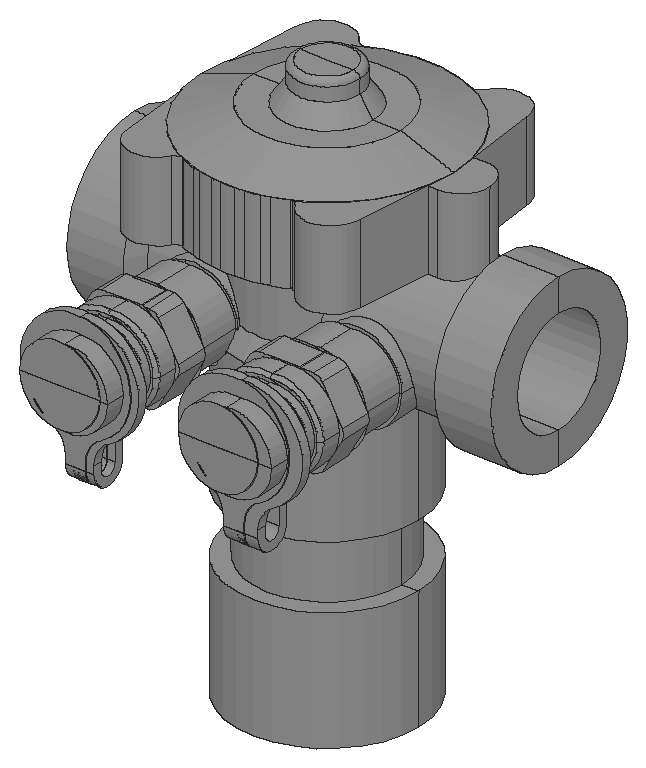
Revit family "Kombiventil 4206_M_SMART", category Rohrzubehör, Revit 2018
Family settings
  Bemaßung runder Anschluss = Durchmesser verwenden
  Teiletyp = Unterbricht
  OmniClass-Nummer = 23.65.55.14
  OmniClass-Titel = Valves for Liquid Services
  Arbeitsebenenbasiert = Nein
  Immer vertikal = Ja
  Beim Laden mit Abzugskörper schneiden = Nein
  Gemeinsam genutzt = Nein
Parameters
  min.Betriebstemperatur (reines Wasser) = 2 °C  # constant formula
  min.Betriebstemperatur (Frostschutz) = -20 °C  # constant formula
  max.Differenzdruck = 400000.0 Pa  # constant formula
  max.Betriebstemperatur bis DN32 = 130 °C  # constant formula
  max.Betriebstemperatur ab DN40 = 110 °C  # constant formula
  max.Betriebsdruck = 1600000.0 Pa  # constant formula
  URL = "www.herz-armaturen.at"
  Stift = "Edelstahl 14301"  # constant formula
  SCRNSEQ = "ARM;ARM_TYP=\"DURR\";2"
  SCRNCODE = "05;04;02"  # constant formula
  S04 [instance] = R01 * 2  # 30.00 mm
  S01 [instance] = L01 + L02  # 75.00 mm
  R02 [instance] = size_lookup("4206M_S", "R2", 9.32 mm, Nennweite)  # 9.316 mm
  R01 [instance] = size_lookup("4206M_S", "R1", 15.00 mm, Nennweite)  # 15.00 mm
  PN = 25  # constant formula
  O-Ringe = "EPDM"  # constant formula
  Membrangehäuse = "Messing CW602N"  # constant formula
  Membrane = "EPDM"  # constant formula
  Medium = "Wasserbeschaffenheit nach ÖNORM H 5195 und VDI 2035.\r\nDie  Verwendung  von  Ethylen-  und  Propylenglykol  ist  im  Mischungsverhältnis  25  -  50  Vol.-  [%]  zulässig."
  L14 = 43.48 mm  # constant formula
  L13 = 32.23 mm  # constant formula
  L06 = 3.44 mm  # constant formula
  Impulsleitung = "Kupfer Cu-DHP (CW024A)"  # constant formula
  Hub = 4.00 mm  # constant formula
  Hersteller = "Herz-Armaturen GmbH"  # constant formula
  H10 = 22.33 mm  # constant formula
  Gehäuse = "DZR Messing CC770S"  # constant formula
  Druckfeder = "Federstahl"  # constant formula
  DN20 [instance] = yes
  DN15 [instance] = yes
  Bestellnummer [instance] = size_lookup("4206M_S", "Artnr", 1420622, Nennweite)  # 1420621
  Bauschutzkappe = "Kunststoff"  # constant formula
  BB = 7.93 mm  # constant formula
  B15 = 23.00 mm  # constant formula
  B14 = 8.73 mm  # constant formula
  B13 = 40.79 mm  # constant formula
  B12 = 36.73 mm  # constant formula
  B11 = 34.69 mm  # constant formula
  B10 = 31.75 mm  # constant formula
  B09 [instance] = size_lookup("4206M_S", "B9", 3.30 mm, Nennweite)  # 3.30 mm
  Nennweite [instance] = 15.00 mm
  L05 = 3.44 mm  # constant formula
  L04 [instance] = size_lookup("4206M_S", "L4", 12.00 mm, Nennweite)  # 12.00 mm
  L03 [instance] = size_lookup("4206M_S", "L3", 10.00 mm, Nennweite)  # 10.00 mm
  L02 = 34.00 mm  # constant formula
  L01 = 41.00 mm  # constant formula
  H09 = 1.08 mm  # constant formula
  H08 = 4.24 mm  # constant formula
  H07 = 28.19 mm  # constant formula
  H06 = 24.02 mm  # constant formula
  H05 = 10.06 mm  # constant formula
  H04 = 6.74 mm  # constant formula
  H03 = 3.46 mm  # constant formula
  H02 [instance] = size_lookup("4206M_S", "H2", 65.00 mm, Nennweite)  # 65.00 mm
  H01 = 35.00 mm  # constant formula
  B08 = 23.05 mm  # constant formula
  B07 [instance] = size_lookup("4206M_S", "B7", 16.50 mm, Nennweite)  # 16.50 mm
  B06 = 5.86 mm  # constant formula
  B05 = 3.70 mm  # constant formula
  B04 = 6.75 mm  # constant formula
  B03 = 7.93 mm  # constant formula
  B02 [instance] = size_lookup("4206M_S", "B2", 12.50 mm, Nennweite)  # 12.50 mm
  B01 = 41.62 mm  # constant formula
  Anwendungsgebiet = "Das Kombiventil wird in allen pumpenbetriebenen Heiz- und Kühlanlagen eingesetzt. Der Regler begrenzt automatisch\r\nden Volumenstrom im gewählten Anlagenteil auf den einmal eingestellten Wert, indem alle Druckschwankungen\r\ngemessen und ausgeregelt werden. Somit sind keine Messungen erforderlich und die Regelung ist bei allen\r\nBetriebsbedingungen effektiv. Das Kombiventil regelt den Volumenstrom der ventileigenen Voreinstellung auf einen\r\nkonstanten Wert; die Membran regelt aufgrund des Druckes unmittelbar nach dem Regeleinsatz, sowie des Druckes\r\ndavor.\r\nDie Voreinstellung bezieht sich direkt auf den Volumenstrom; entsprechend kann die maximale Durchflussmenge bei\r\nder Montage direkt nach dem Diagramm eingestellt werden."
Reference planes
  plane 1 "Mitte (Vorne/hinten)": y = 0
  plane 2: z = 0
  plane 3 "Mitte (Links/rechts)": x = 0
Forms (mm)
  Revolve 1, solid, material "Messing, weicher Gelbton, geschweißt", detail levels fine
    sketch origin (0, 0, 0) x (1, 0, 0) y (0, 0, 1)
      loop
        line (0, -65) -> (16.292, -65) -> (16.292, -43.48) -> (13.292, -43.48) -> (13.292, -32.23) -> (16.292, -32.23) -> (16.292, -6.498) -> (14.505, -2.652) -> (14.505, 6.81) -> (22.33, 10.98) -> (22.33, 24.94) -> (12.949, 28.26) -> (8.129, 28.26) -> (5.75, 31.54) -> (5.75, 33.92)
        arc (5.75, 33.92) -> (5.434, 34.684) -> (4.67, 35) r 1.08
        line (4.67, 35) -> (0, 35) -> (0, -65)
      axis (0, 35) -> (0, -65)
    angle from 0 to 360
  Revolve 2, solid, material "Messing, weicher Gelbton, geschweißt", detail levels fine
    sketch origin (0, 0, -3.3) x (1, 0, 0) y (0, 1, 0)
      loop
        line (-20.43, -13.942) -> (-12.5, -13.942) -> (-12.5, -8.046) -> (-20.43, -8.046) -> (-20.43, -13.942)
      axis (-12.5, -8.046) -> (-12.5, -13.942)
    angle from 0 to 360
  Revolve 3, solid, material "Messing, weicher Gelbton, geschweißt", detail levels fine
    sketch origin (0, 0, 0) x (-1, 0, 0) y (0, 0, 1)
      loop
        line (34, 9.315) -> (34, 15) -> (24, 15) -> (22.317, 12) -> (0, 12) -> (-29.317, 12) -> (-31, 15) -> (-41, 15) -> (-41, 9.315) -> (-27.815, 9.315) -> (-27.815, 0) -> (20.815, 0) -> (20.815, 9.315) -> (34, 9.315)
      axis (-41, 0) -> (34, 0)
    angle from 0 to 360
  Extrusion 4, solid, material "Messing, weicher Gelbton, geschweißt", detail levels fine
    sketch origin (0, 0, 25.912) x (-1, 0, 0) y (0, -1, 0)
      loop
        arc (-20.427, -18.385) -> (-16.688, -23.223) -> (-11.063, -20.825) r 5
        arc (-11.063, -20.825) -> (-10.479, -20.304) -> (-9.74, -20.044) r 2.018
        arc (-9.74, -20.044) -> (0, -22.318) -> (9.74, -20.044) r 22
        arc (9.74, -20.044) -> (10.479, -20.304) -> (11.063, -20.825) r 2.018
        arc (11.063, -20.825) -> (16.688, -23.223) -> (20.427, -18.385) r 5
        arc (20.427, -18.385) -> (22, 0) -> (20.427, 18.385) r 108.221
        arc (20.427, 18.385) -> (16.688, 23.223) -> (11.063, 20.825) r 5
        arc (11.063, 20.825) -> (10.467, 20.297) -> (9.713, 20.04) r 2.018
        arc (9.713, 20.04) -> (0, 22.3) -> (-9.713, 20.04) r 22
        arc (-9.713, 20.04) -> (-10.467, 20.297) -> (-11.063, 20.825) r 2.018
        arc (-11.063, 20.825) -> (-16.688, 23.223) -> (-20.427, 18.385) r 5
        arc (-20.427, 18.385) -> (-21.356, 11.79) -> (-21.877, 5.15) r 108.221
        line (-21.877, 5.15) -> (-23.7, 5.15)
        arc (-23.7, 5.15) -> (-27.342, 3.642) -> (-28.85, 0) r 5.15
        arc (-28.85, 0) -> (-27.342, -3.642) -> (-23.7, -5.15) r 5.15
        line (-23.7, -5.15) -> (-21.877, -5.15)
        arc (-21.877, -5.15) -> (-21.356, -11.79) -> (-20.427, -18.385) r 108.221
    from -14.932 to -0.972
  Revolve 5, solid, material "Messing, weicher Gelbton, geschweißt", detail levels fine
    sketch origin (0, 0, -3.3) x (-1, 0, 0) y (0, -1, 0)
      loop
        line (-24.43, 13.942) -> (-24.43, 8.046) -> (-16.5, 8.046) -> (-16.5, 13.942) -> (-24.43, 13.942)
      axis (-16.5, 8.046) -> (-16.5, 13.942)
    angle from 0 to 360
Lines and regions (mm)
  model lines, detail levels coarse+medium
    curve 1: line (37.5, -15, 0) -> (37.5, 15, 0)
    curve 2: line (37.5, 15, 0) -> (-37.5, -15, 0)
    curve 3: line (-37.5, -15, 0) -> (-37.5, 15, 0)
    curve 4: line (-37.5, 15, 0) -> (37.5, -15, 0)
    curve 5: line (-37.5, 14.673, 0) -> (0, -6.74, 0)
    curve 6: line (0, -6.74, 0) -> (37.5, 14.673, 0)
    curve 7: line (0, -6.74, 0) -> (0, -24.94, 0)
    curve 8: spline (-22.33, -29.97, 0) -> (-21.569, -28.668, 0) -> (-19.338, -27.455, 0) -> (-15.79, -26.413, 0) -> (-11.165, -25.614, 0) -> (-5.779, -25.111, 0) -> (0, -24.94, 0) -> (5.779, -25.111, 0) -> (11.165, -25.614, 0) -> (15.79, -26.413, 0) -> (19.338, -27.455, 0) -> (21.569, -28.668, 0) -> (22.33, -29.97, 0) -> (21.569, -31.272, 0) -> (19.338, -32.485, 0) -> (15.79, -33.527, 0) -> (11.165, -34.326, 0) -> (5.779, -34.829, 0) -> (0, -35, 0) -> (-5.779, -34.829, 0) -> (-11.165, -34.326, 0) -> (-15.79, -33.527, 0) -> (-19.338, -32.485, 0) -> (-21.569, -31.272, 0) -> (-22.33, -29.97, 0)
    curve 9: line (-37.5, 0, 15) -> (-37.5, 0, -15)
    curve 10: line (-37.5, 0, -15) -> (37.5, 0, 15)
    curve 11: line (37.5, 0, 15) -> (37.5, 0, -15)
    curve 12: line (37.5, 0, -15) -> (-37.5, 0, 15)
    curve 13: line (37.287, 0, -14.915) -> (0, 0, 6.74)
    curve 14: line (0, 0, 6.74) -> (-37.5, 0, -15)
    curve 15: line (0, 0, 6.74) -> (0, 0, 24.94)
    curve 16: spline (-22.33, 0, 29.97) -> (-21.569, 0, 31.272) -> (-19.338, 0, 32.485) -> (-15.79, 0, 33.527) -> (-11.165, 0, 34.326) -> (-5.779, 0, 34.829) -> (0, 0, 35) -> (5.779, 0, 34.829) -> (11.165, 0, 34.326) -> (15.79, 0, 33.527) -> (19.338, 0, 32.485) -> (21.569, 0, 31.272) -> (22.33, 0, 29.97) -> (21.569, 0, 28.668) -> (19.338, 0, 27.455) -> (15.79, 0, 26.413) -> (11.165, 0, 25.614) -> (5.779, 0, 25.111) -> (0, 0, 24.94) -> (-5.779, 0, 25.111) -> (-11.165, 0, 25.614) -> (-15.79, 0, 26.413) -> (-19.338, 0, 27.455) -> (-21.569, 0, 28.668) -> (-22.33, 0, 29.97)
Dimensions and locks
  "H01": Revolve 1 sketch curve to plane 2
  "H02": plane 2 to Revolve 1 sketch curve
  "H03": Revolve 1 sketch curve to Revolve 1 sketch curve
  "H04": Revolve 1 sketch curve to Revolve 1 sketch curve
  "H05": Revolve 1 sketch curve to Revolve 1 sketch curve
  "H06": Revolve 1 sketch curve to Revolve 1 sketch curve
  "H07": Revolve 1 sketch curve to Revolve 1 sketch curve
  "H08": Revolve 1 sketch curve to Revolve 1 sketch curve
  "BB": Revolve 2 sketch curve to Revolve 2 sketch curve
  "L02": plane 3 "Mitte (Links/rechts)" to Revolve 3 sketch curve
  "L01": Revolve 3 sketch curve to plane 3 "Mitte (Links/rechts)"
  "B03": Revolve 5 sketch curve to Revolve 5 sketch curve
  "L03": Revolve 3 sketch curve to Revolve 3 sketch curve
  "L04": Revolve 3 sketch curve to plane 2
  "L05": Revolve 3 sketch curve to Revolve 3 sketch curve
  "R01": Revolve 3 sketch curve to plane 2  (x2)
  "R02": Revolve 3 sketch curve to plane 2  (x2)
  "B02": Revolve 2 sketch curve to plane 3 "Mitte (Links/rechts)"
  "B07": plane 3 "Mitte (Links/rechts)" to Revolve 5 sketch curve
  "L06": Revolve 3 sketch curve to Revolve 3 sketch curve
  "S01": curve 3 to curve 1
  "S04": curve 2 to curve 4
  "S04": curve 4 to curve 3
  equal spacing: curve 3, plane 1 "Mitte (Vorne/hinten)", curve 4
  equal spacing: curve 4, plane 1 "Mitte (Vorne/hinten)", curve 2
  equal spacing: curve 3, plane 3 "Mitte (Links/rechts)", curve 1
  "H10": curve 8 to plane 3 "Mitte (Links/rechts)" to curve 8
  "H05": curve 8 to curve 8
  "H01": curve 8 to plane 1 "Mitte (Vorne/hinten)"
  "H04": curve 7 to plane 1 "Mitte (Vorne/hinten)"
  "S04": curve 11 to curve 12
  "S04": curve 12 to curve 10
  equal spacing: curve 12, plane 2, curve 10
  equal spacing: curve 11, plane 2, curve 12
  "S01": curve 9 to curve 11
  equal spacing: curve 9, plane 3 "Mitte (Links/rechts)", curve 11
  "H04": curve 15 to plane 2
  "H05": curve 16 to curve 16
  "H10": plane 3 "Mitte (Links/rechts)" to Revolve 1 sketch curve
  "H10": plane 3 "Mitte (Links/rechts)" to curve 16
  "H10": curve 16 to plane 3 "Mitte (Links/rechts)"
  "H01": curve 16 to plane 2
  "L13": plane 2 to Revolve 1 sketch curve
  "L14": plane 2 to Revolve 1 sketch curve
  Revolve 5 sketch curve to Revolve 5 sketch curve = 7.93 mm
  "B09": plane 2 to Revolve 2
  "B09": plane 2 to Revolve 5
  "B09": plane 2 to nested 4
  "B09": plane 2 to nested 3
  "B09": plane 2 to nested 5
  "B09": plane 2 to nested 2
  "B01": nested 3 to plane 1 "Mitte (Vorne/hinten)"
  "B01": nested 4 to plane 1 "Mitte (Vorne/hinten)"
  "B01": nested 5 to plane 1 "Mitte (Vorne/hinten)"
  "B01": nested 2 to plane 1 "Mitte (Vorne/hinten)"
  "H09": radius of Revolve 1 sketch curve
  aligned and locked: level to plane 2
  aligned and locked: Extrusion 4 to Revolve 1
  aligned and locked: Revolve 1 to Extrusion 4
Automatic sketch dimensions
  Extrusion 4 sketch curve to Extrusion 4 sketch curve = 0.00 mm  (x4)
  plane 1 "Mitte (Vorne/hinten)" to Extrusion 4 sketch curve = 0.00 mm  (x3)
  Extrusion 4 sketch curve to plane 3 "Mitte (Links/rechts)" = 0.00 mm  (x2)
  plane 3 "Mitte (Links/rechts)" to Extrusion 4 sketch curve = 9.452 mm  (x2)
  Extrusion 4 sketch curve to Extrusion 4 sketch curve = 5.975 mm  (x4)
  Extrusion 4 sketch curve to plane 1 "Mitte (Vorne/hinten)" = 5.15 mm
  Extrusion 4 sketch curve to Extrusion 4 sketch curve = 6.45 mm
  Extrusion 4 sketch curve to Extrusion 4 sketch curve = 1.823 mm
  Extrusion 4 sketch curve to Extrusion 4 sketch curve = 57.371 mm
  Extrusion 4 sketch curve to plane 3 "Mitte (Links/rechts)" = 9.452 mm  (x2)
  Extrusion 4 sketch curve to plane 1 "Mitte (Vorne/hinten)" = 18.385 mm
  Extrusion 4 sketch curve to Extrusion 4 sketch curve = 13.235 mm  (x2)
  Extrusion 4 sketch curve to Extrusion 4 sketch curve = 3.657 mm  (x4)
  Extrusion 4 sketch curve to plane 1 "Mitte (Vorne/hinten)" = 0.318 mm
  plane 1 "Mitte (Vorne/hinten)" to Extrusion 4 sketch curve = 0.30 mm
  plane 1 "Mitte (Vorne/hinten)" to Extrusion 4 sketch curve = 18.385 mm
  Extrusion 4 sketch curve to Extrusion 4 sketch curve = 0.261 mm  (x2)
  Extrusion 4 sketch curve to Extrusion 4 sketch curve = 0.288 mm  (x2)
  Extrusion 4 sketch curve to Extrusion 4 sketch curve = 1.35 mm  (x2)
  Extrusion 4 sketch curve to Extrusion 4 sketch curve = 1.323 mm  (x2)
  Extrusion 4 sketch curve to Extrusion 4 sketch curve = 5.00 mm
  curve 6 to plane 3 "Mitte (Links/rechts)" = 0.00 mm
  curve 6 to curve 1 = 0.327 mm
  curve 5 to curve 3 = 0.327 mm
  Revolve 1 sketch curve to plane 3 "Mitte (Links/rechts)" = 0.00 mm  (x2)
  plane 3 "Mitte (Links/rechts)" to Revolve 1 sketch curve = 4.67 mm
  Revolve 1 sketch curve to Revolve 1 sketch curve = 2.379 mm
  Revolve 1 sketch curve to Revolve 1 sketch curve = 4.82 mm
  plane 3 "Mitte (Links/rechts)" to Revolve 1 sketch curve = 13.292 mm
  Revolve 1 sketch curve to level = 2.652 mm
  plane 3 "Mitte (Links/rechts)" to Revolve 1 sketch curve = 14.505 mm
  Revolve 1 sketch curve to Revolve 1 sketch curve = 3.00 mm  (x2)
  Revolve 1 sketch curve to Revolve 1 sketch curve = 292.892 mm
  Revolve 1 sketch curve to Revolve 1 sketch curve = 2176.299 mm
  plane 1 "Mitte (Vorne/hinten)" to Revolve 2 sketch curve = 13.942 mm
  Revolve 2 sketch curve to Revolve 2 sketch curve = 5.896 mm
  Revolve 2 sketch curve to Revolve 2 sketch curve = 0.00 mm  (x2)
  Revolve 2 sketch curve to Revolve 2 sketch curve = 27.678 mm
  Revolve 3 sketch curve to level = 0.00 mm  (x2)
  Revolve 3 sketch curve to plane 3 "Mitte (Links/rechts)" = 0.00 mm
  Revolve 3 sketch curve to Revolve 3 sketch curve = 10.00 mm
  Revolve 3 sketch curve to Revolve 3 sketch curve = 1.501 mm  (x2)
  Revolve 3 sketch curve to Revolve 3 sketch curve = 1315.107 mm
  Revolve 3 sketch curve to Revolve 3 sketch curve = 1862.053 mm
  plane 1 "Mitte (Vorne/hinten)" to Revolve 5 sketch curve = 8.046 mm
  Revolve 5 sketch curve to Revolve 5 sketch curve = 5.896 mm
  Revolve 5 sketch curve to Revolve 5 sketch curve = 0.00 mm  (x2)
  Revolve 5 sketch curve to Revolve 5 sketch curve = 27.678 mm
  curve 14 to plane 3 "Mitte (Links/rechts)" = 0.00 mm
  curve 13 to level = 14.915 mm
Nested families
  nested 1: "Herz-Logo-vorne" at (0, -16.164, -15) x (0, 1, 0) z (0, 0, 1), type "Herz-Logo-vorne", detail levels fine
  nested 2: "Messstutzen_Band_Eintritt" at (14, -4.942, -3.3), visible <- "DN20", type "Messstutzen_Band_Eintritt"
    with Schutzkappe yes, Nennweite 0.00 mm, Gewicht 0.00 kg, Bestellnummer 0
  nested 3: "Messstutzen_Band_Austritt" at (-14, -4.942, -3.3), visible <- "DN20", type "Messstutzen_Band_Austritt"
    with Schutzkappe yes, Nennweite 0.00 mm, Gewicht 0.00 kg, Bestellnummer 0
  nested 4: "Messstutzen_Band_Austritt" at (-12.5, -4.942, -3.3), visible <- "DN15", type "Messstutzen_Band_Austritt"
    with Schutzkappe yes, Nennweite 0.00 mm, Gewicht 0.00 kg, Bestellnummer 0
  nested 5: "Messstutzen_Band_Eintritt" at (16.5, -4.942, -3.3), visible <- "DN15", type "Messstutzen_Band_Eintritt"
    with Schutzkappe yes, Nennweite 0.00 mm, Gewicht 0.00 kg, Bestellnummer 0
Connectors
  piping at (27.815, 0, 0), diameter 15, driven by "Nennweite"
    settings: on Revolve 3, index 1, connector inside diameter 609.6 mm, connector length 0.00 mm, flow factor 0, pipe flow 0.0 L/s, pressure drop 0.0 Pa, fitting loss kfactor 0, connector angle 0.00°, fixture units 0, engagement length 0.00 mm, angle of deflection 0.00°, flow configuration 0, flow direction 1, fitting loss method 0, system type 29, joint type 0, gender type 0, connector reference index -1, connector utility 0, adjustable connector no, is connector primary yes, connector description ""
  piping at (-20.815, 0, 0), diameter 15, driven by "Nennweite"
    settings: on Revolve 3, index 2, connector inside diameter 609.6 mm, connector length 0.00 mm, flow factor 0, pipe flow 0.0 L/s, pressure drop 0.0 Pa, fitting loss kfactor 0, connector angle 0.00°, fixture units 0, engagement length 0.00 mm, angle of deflection 0.00°, flow configuration 0, flow direction 2, fitting loss method 0, system type 29, joint type 0, gender type 0, connector reference index -1, connector utility 0, adjustable connector no, is connector primary no, connector description ""
Definition of nested family "Herz-Logo-vorne"
  Reference planes
    plane 1 "Mitte (Vorne/hinten)": y = 0
    plane 2: z = 0
    plane 3 "Mitte (Links/rechts)": x = 0
  Forms (mm)
    Extrusion 1, solid
      sketch origin (0.732, -0.018, 0.017) x (0, -1, 0) y (0, 0, 1)
        loop
          line (-0.018, -4.517) -> (4.482, -4.517) -> (4.482, 4.483) -> (-4.518, 4.483) -> (-4.518, -4.517) -> (-0.018, -4.517)
        loop
          line (-0.05, -3.48) -> (3.482, -3.48) -> (3.482, 3.483) -> (-3.518, 3.483) -> (-3.518, -3.48) -> (-0.05, -3.48)
        loop
          arc (-0.018, 2.383) -> (-1.543, 3.287) -> (-3.067, 2.383) r 1.738
          arc (-3.067, 2.383) -> (-3.191, 1.899) -> (-3.067, 1.415) r 1.009
          line (-3.067, 1.415) -> (-0.018, -3.281) -> (3.032, 1.415)
          arc (3.032, 1.415) -> (3.156, 1.899) -> (3.032, 2.383) r 1.009
          arc (3.032, 2.383) -> (1.507, 3.287) -> (-0.018, 2.383) r 1.738
        loop
          arc (1.885, 1.272) -> (2.005, 1.675) -> (1.885, 2.079) r 0.74
          arc (1.885, 2.079) -> (1.265, 2.416) -> (0.644, 2.079) r 0.74
          line (0.644, 2.079) -> (-0.018, 0.97) -> (-0.679, 2.079)
          arc (-0.679, 2.079) -> (-1.3, 2.416) -> (-1.921, 2.079) r 0.74
          arc (-1.921, 2.079) -> (-2.04, 1.675) -> (-1.921, 1.272) r 0.74
          line (-1.921, 1.272) -> (-0.018, -1.658) -> (1.885, 1.272)
      from 0 to 1.5
  Dimensions and locks
    aligned and locked: level to plane 2
Definition of nested family "Messstutzen_Band_Eintritt"
  Parameters (values of type "Messstutzen_Band_Eintritt")
    URL = "www.herz-armaturen.at"
    Schutzkappe [instance] = yes
    Nennweite [instance] = 0.00 mm
    Manufacturer = "Herz Armaturen GmbH"  # constant formula
    Gewicht [instance] = 0.00 kg
    Bestellnummer [instance] = 0
  Reference planes
    plane 1 "Mitte (Vorne/hinten)": y = 0
    plane 2: z = 0
    plane 3 "Mitte (Links/rechts)": x = 0
    plane 4 "Schlaufe 1": y = -27
    plane 5 "Schlaufe 2": y = -31.678
  Forms (mm)
    Revolve 1, solid, detail levels fine
      sketch origin (0, 0, 0) x (1, 0, 0) y (0, 1, 0)
        loop
          line (-7.4, -9) -> (-7.4, -16.5)
          arc (-7.4, -16.5) -> (-7.693, -17.207) -> (-8.4, -17.5) r 1
          line (-8.4, -17.5) -> (-2, -17.5) -> (-2, 0) -> (-5.555, 0) -> (-6.455, -0.9) -> (-6.455, -4.681) -> (-5.843, -5.293)
          arc (-5.843, -5.293) -> (-5.626, -5.617) -> (-5.55, -6) r 1
          line (-5.55, -6) -> (-5.55, -9) -> (-7.4, -9)
        loop
          line (-3.7, -27) -> (-3.7, -30.45) -> (-4.415, -30.863) -> (-4.415, -35.19) -> (-3.805, -35.8) -> (-2, -35.8) -> (-2, -23) -> (-7.9, -23) -> (-7.9, -26.4) -> (-7.3, -27) -> (-3.7, -27)
        axis (0, 0) -> (0, -35.8)
      angle from 0 to 360
    Extrusion 2, solid, detail levels fine
      sketch origin (0, -17.5, 0) x (-1, 0, 0) y (0, 0, -1)
        loop
          line (5.156, -7.07) -> (8.7, -0.93)
          arc (8.7, -0.93) -> (8.75, 0) -> (8.7, 0.93) r 8.75
          line (8.7, 0.93) -> (5.156, 7.07)
          arc (5.156, 7.07) -> (4.375, 7.578) -> (3.544, 8) r 8.75
          line (3.544, 8) -> (-3.544, 8)
          arc (-3.544, 8) -> (-4.375, 7.578) -> (-5.156, 7.07) r 8.75
          line (-5.156, 7.07) -> (-8.7, 0.93)
          arc (-8.7, 0.93) -> (-8.75, 0) -> (-8.7, -0.93) r 8.75
          line (-8.7, -0.93) -> (-5.156, -7.07)
          arc (-5.156, -7.07) -> (-4.375, -7.578) -> (-3.544, -8) r 8.75
          line (-3.544, -8) -> (3.544, -8)
          arc (3.544, -8) -> (4.375, -7.578) -> (5.156, -7.07) r 8.75
      from 0 to 5.5
    Revolve 3, solid, visible <- "Schutzkappe", detail levels fine
      sketch origin (0, 0, 0) x (1, 0, 0) y (0, 1, 0)
        loop
          line (0, -35.878) -> (-3.805, -35.878) -> (-4.415, -35.268) -> (-4.415, -30.178) -> (-6.9, -30.178) -> (-6.9, -31.678) -> (-6.1, -31.678) -> (-6.1, -33.378) -> (-7, -33.378) -> (-7, -36.678) -> (0, -36.678) -> (0, -35.878)
        axis (0, -30.178) -> (0, -36.678)
      angle from 0 to 360
    Extrusion 4, solid, detail levels fine
      sketch origin (0, -27, 0) x (0, 0, -1) y (-1, 0, 0)
        loop
          circle (0, 0) r 3.7
        loop
          arc (5.505, 3.906) -> (-6.75, 0) -> (5.505, -3.906) r 6.75
          arc (5.505, -3.906) -> (7.288, -2.358) -> (9.582, -1.8) r 5
          line (9.582, -1.8) -> (9.582, 1.8)
          arc (9.582, 1.8) -> (7.288, 2.358) -> (5.505, 3.906) r 5
      from 0 to -1.5
    Extrusion 5, solid, detail levels fine
      sketch origin (0, -31.678, 0) x (0, 0, -1) y (-1, 0, 0)
        loop
          circle (0, 0) r 6.1
        loop
          arc (8.652, 4.495) -> (-9.75, 0) -> (8.652, -4.495) r 9.75
          arc (8.652, -4.495) -> (10.493, -2.527) -> (13.089, -1.8) r 5
          line (13.089, -1.8) -> (13.089, 1.8)
          arc (13.089, 1.8) -> (10.493, 2.527) -> (8.652, 4.495) r 5
      from 0 to -1.5
    Sweep 6, solid, detail levels fine
      path origin (0, 0, 0) x (0, 1, 0) y (0, 0, 1)
        loop
          line (-27.75, -9.582) -> (-27.75, -14.522)
          arc (-27.75, -14.522) -> (-30.089, -16.862) -> (-32.428, -14.522) r 2.339
          line (-32.428, -14.522) -> (-32.428, -13.089)
      profile origin (0, -27.75, -12.052) x (1, 0, 0) y (0, 1, 0)
        loop
          line (-1.8, 0.75) -> (-1.8, -0.75) -> (1.8, -0.75) -> (1.8, 0.75) -> (-1.8, 0.75)
  Cuts and joins
    joined: Extrusion 4, Extrusion 5, Sweep 6
  Dimensions and locks
    aligned and locked: level to plane 2
Definition of nested family "Messstutzen_Band_Austritt"
  Parameters (values of type "Messstutzen_Band_Austritt")
    URL = "www.herz-armaturen.at"
    Schutzkappe [instance] = yes
    Nennweite [instance] = 0.00 mm
    Manufacturer = "Herz Armaturen GmbH"  # constant formula
    Gewicht [instance] = 0.00 kg
    Bestellnummer [instance] = 0
  Reference planes
    plane 1 "Mitte (Vorne/hinten)": y = 0
    plane 2: z = 0
    plane 3 "Mitte (Links/rechts)": x = 0
    plane 4 "Schlaufe 1": y = -27
    plane 5 "Schlaufe 2": y = -31.678
  Forms (mm)
    Revolve 1, solid, detail levels fine
      sketch origin (0, 0, 0) x (1, 0, 0) y (0, 1, 0)
        loop
          line (-7.4, -9) -> (-7.4, -16.5)
          arc (-7.4, -16.5) -> (-7.693, -17.207) -> (-8.4, -17.5) r 1
          line (-8.4, -17.5) -> (-2, -17.5) -> (-2, 0) -> (-5.555, 0) -> (-6.455, -0.9) -> (-6.455, -4.681) -> (-5.843, -5.293)
          arc (-5.843, -5.293) -> (-5.626, -5.617) -> (-5.55, -6) r 1
          line (-5.55, -6) -> (-5.55, -9) -> (-7.4, -9)
        loop
          line (-3.7, -27) -> (-3.7, -30.45) -> (-4.415, -30.863) -> (-4.415, -35.19) -> (-3.805, -35.8) -> (-2, -35.8) -> (-2, -23) -> (-7.9, -23) -> (-7.9, -26.4) -> (-7.3, -27) -> (-3.7, -27)
        axis (0, 0) -> (0, -35.8)
      angle from 0 to 360
    Extrusion 2, solid, detail levels fine
      sketch origin (0, -17.5, 0) x (-1, 0, 0) y (0, 0, -1)
        loop
          line (5.156, -7.07) -> (8.7, -0.93)
          arc (8.7, -0.93) -> (8.75, 0) -> (8.7, 0.93) r 8.75
          line (8.7, 0.93) -> (5.156, 7.07)
          arc (5.156, 7.07) -> (4.375, 7.578) -> (3.544, 8) r 8.75
          line (3.544, 8) -> (-3.544, 8)
          arc (-3.544, 8) -> (-4.375, 7.578) -> (-5.156, 7.07) r 8.75
          line (-5.156, 7.07) -> (-8.7, 0.93)
          arc (-8.7, 0.93) -> (-8.75, 0) -> (-8.7, -0.93) r 8.75
          line (-8.7, -0.93) -> (-5.156, -7.07)
          arc (-5.156, -7.07) -> (-4.375, -7.578) -> (-3.544, -8) r 8.75
          line (-3.544, -8) -> (3.544, -8)
          arc (3.544, -8) -> (4.375, -7.578) -> (5.156, -7.07) r 8.75
      from 0 to 5.5
    Revolve 3, solid, visible <- "Schutzkappe", detail levels fine
      sketch origin (0, 0, 0) x (1, 0, 0) y (0, 1, 0)
        loop
          line (0, -35.878) -> (-3.805, -35.878) -> (-4.415, -35.268) -> (-4.415, -30.178) -> (-6.9, -30.178) -> (-6.9, -31.678) -> (-6.1, -31.678) -> (-6.1, -33.378) -> (-7, -33.378) -> (-7, -36.678) -> (0, -36.678) -> (0, -35.878)
        axis (0, -30.178) -> (0, -36.678)
      angle from 0 to 360
    Extrusion 4, solid, detail levels fine
      sketch origin (0, -27, 0) x (0, 0, -1) y (-1, 0, 0)
        loop
          circle (0, 0) r 3.7
        loop
          arc (5.505, 3.906) -> (-6.75, 0) -> (5.505, -3.906) r 6.75
          arc (5.505, -3.906) -> (7.288, -2.358) -> (9.582, -1.8) r 5
          line (9.582, -1.8) -> (9.582, 1.8)
          arc (9.582, 1.8) -> (7.288, 2.358) -> (5.505, 3.906) r 5
      from 0 to -1.5
    Extrusion 5, solid, detail levels fine
      sketch origin (0, -31.678, 0) x (0, 0, -1) y (-1, 0, 0)
        loop
          circle (0, 0) r 6.1
        loop
          arc (8.652, 4.495) -> (-9.75, 0) -> (8.652, -4.495) r 9.75
          arc (8.652, -4.495) -> (10.493, -2.527) -> (13.089, -1.8) r 5
          line (13.089, -1.8) -> (13.089, 1.8)
          arc (13.089, 1.8) -> (10.493, 2.527) -> (8.652, 4.495) r 5
      from 0 to -1.5
    Sweep 6, solid, detail levels fine
      path origin (0, 0, 0) x (0, 1, 0) y (0, 0, 1)
        loop
          line (-27.75, -9.582) -> (-27.75, -14.522)
          arc (-27.75, -14.522) -> (-30.089, -16.862) -> (-32.428, -14.522) r 2.339
          line (-32.428, -14.522) -> (-32.428, -13.089)
      profile origin (0, -27.75, -12.052) x (1, 0, 0) y (0, 1, 0)
        loop
          line (-1.8, 0.75) -> (-1.8, -0.75) -> (1.8, -0.75) -> (1.8, 0.75) -> (-1.8, 0.75)
  Cuts and joins
    joined: Extrusion 4, Extrusion 5, Sweep 6
  Dimensions and locks
    aligned and locked: level to plane 2
